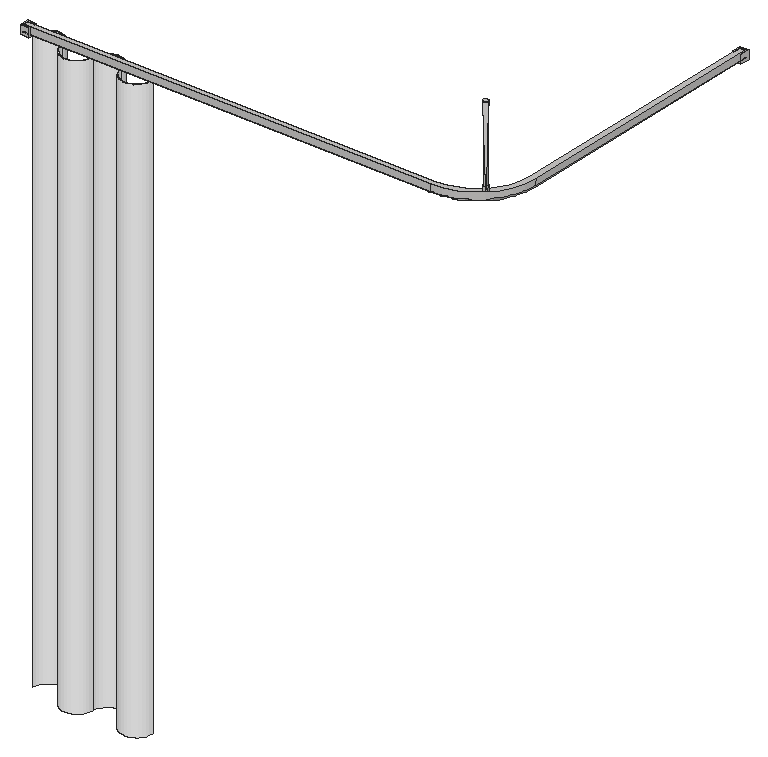
Revit family "Curtain Track_Metlam_L Bend", category Specialty Equipment, Revit 2016
Family settings
  Part Type = Normal
  Round Connector Dimension = Use Diameter
  OmniClass Number = 23.40.20.21.44
  OmniClass Title = Shower Rods, Curtains
  Work Plane-Based = No
  Always vertical = Yes
  Cut with Voids When Loaded = No
  Shared = No
  Room Calculation Point = Yes
Parameters (values of type "300h (ML-SCT-SERIES-L)")
  URL = "http://www.metlam.com.au/"
  Type Comments = "Grab Rails"  # constant formula
  Model = "ML-SCT-SERIES-L"
  Fabric_Material = z_Metlam_White
  Material_ANZRS = z_Metlam_Metal_Stainless Steel_Satin
  Manufacturer_Overall Width_Calc [instance] = if(Manufacturer_Overall Width > 1600 mm, 1600 mm, if(Manufacturer_Overall Width < 300 mm, 300 mm, Manufacturer_Overall Width))  # 1600 mm
  Manufacturer_Overall Width [instance] = 1600 mm
  Manufacturer_URL__Product Specific = "https://www.metlam.com.au/product/content/tracks-and-curtains/ML-SCT-SERIES-L"
  Manufacturer_Spec Code = Model  # "ML-SCT-SERIES-L"
  Manufacturer_Overall Height = 300 mm
  Manufacturer_Overall Depth_Calc [instance] = if(Manufacturer_Overall Depth > 1600 mm, 1600 mm, if(Manufacturer_Overall Depth < 300 mm, 300 mm, Manufacturer_Overall Depth))  # 1100 mm
  Manufacturer_Overall Depth [instance] = 1100 mm
  Manufacturer_Height From FFL [instance] = 2100 mm
  Manufacturer = "Metlam"  # constant formula
  Keynote = ""
  Description = "L Bend Shower Curtain Track System"  # constant formula
  Curtain_Option = yes
  Curtain_Offset_Height [instance] = 100 mm
  CreatedBy_ANZRS = "IGS BIM Solutions"  # constant formula
  CreatedByURL_ANZRS = "http://www.igsgroup.com.au/"
  Assembly Code = ""
Reference planes
  plane 1 "Back": y = 0
  plane 2 "Ref. Level": z = 0
  plane 3 "Bottom": z = 2100
  plane 4 "Front": y = -1100
  plane 5 "Top": z = 2400
  plane 6 "Left": x = -57.964
  plane 7 "Right": x = 1542.036
  plane 8 "Centre (Left/Right)": x = 742.036
  plane 9 "Wall Mount_Back": y = -30
  plane 10 "Wall Mount_Left": x = -27.964
  plane 11 "Ceiling Mount_Centre (Left/Right)": x = 1476.536
  plane 12 "Ceiling Mount_Centre (Front/Back)": y = -1034.5
  plane 13 "Rail_Top": z = 2125
  plane 14 "Curtain_Bottom": z = 100
Forms (mm)
  Sweep 1, solid, material "z_Metlam_Metal_Stainless Steel_Satin" <- "Material_ANZRS"
    path origin (0, 0, 2100) x (-1, 0, 0) y (0, -1, 0)
      loop
        line (-1542.036, 5) -> (-1542.036, 900)
        arc (-1542.036, 900) -> (-1483.458, 1041.421) -> (-1342.036, 1100) r 200
        line (-1342.036, 1100) -> (52.964, 1100)
    profile origin (1542.036, -452.5, 2100) x (1, 0, 0) y (0, 0, 1)
      loop
        line (0, 2.041) -> (0, 25) -> (-20, 25) -> (-20, 2.031)
        arc (-20, 2.031) -> (-19.606, 1.017) -> (-18.631, 0.536) r 1.5
        line (-18.631, 0.536) -> (-12.5, 0) -> (-7.5, 0) -> (-1.379, 0.535)
        arc (-1.379, 0.535) -> (-0.397, 1.02) -> (0, 2.041) r 1.511
  Extrusion 2, solid, material "z_Metlam_Metal_Stainless Steel_Satin" <- "Material_ANZRS"
    sketch origin (0, 0, 0) x (1, 0, 0) y (0, 0, 1)
      loop
        line (1517.036, 2125) -> (1517.036, 2095) -> (1547.036, 2095) -> (1547.036, 2125) -> (1542.036, 2125) -> (1542.036, 2102.041)
        arc (1542.036, 2102.041) -> (1541.639, 2101.02) -> (1540.657, 2100.535) r 1.511
        line (1540.657, 2100.535) -> (1534.536, 2100) -> (1529.536, 2100) -> (1523.406, 2100.536)
        arc (1523.406, 2100.536) -> (1522.43, 2101.017) -> (1522.036, 2102.031) r 1.5
        line (1522.036, 2102.031) -> (1522.036, 2125) -> (1517.036, 2125)
    from 30 to 0
  Extrusion 3, solid, material "z_Metlam_Metal_Stainless Steel_Satin" <- "Material_ANZRS"
    sketch origin (-57.964, 0, 0) x (0, 1, 0) y (0, 0, 1)
      loop
        line (-1105, 2125) -> (-1105, 2095) -> (-1075, 2095) -> (-1075, 2125) -> (-1080, 2125) -> (-1080, 2102.041)
        arc (-1080, 2102.041) -> (-1080.397, 2101.02) -> (-1081.379, 2100.535) r 1.511
        line (-1081.379, 2100.535) -> (-1087.5, 2100) -> (-1092.5, 2100) -> (-1098.631, 2100.536)
        arc (-1098.631, 2100.536) -> (-1099.606, 2101.017) -> (-1100, 2102.031) r 1.5
        line (-1100, 2102.031) -> (-1100, 2125) -> (-1105, 2125)
    from 30 to 0
  Revolve 4, solid, material "z_Metlam_Metal_Stainless Steel_Satin" <- "Material_ANZRS"
    sketch origin (0, -1034.5, 0) x (1, 0, 0) y (0, 0, 1)
      loop
        line (1476.387, 2125) -> (1476.387, 2400) -> (1468.387, 2400) -> (1468.387, 2385) -> (1471.408, 2385) -> (1471.408, 2140) -> (1468.408, 2140) -> (1468.408, 2125) -> (1476.387, 2125)
      axis (1476.536, 2400) -> (1476.536, 2125)
    angle from 0 to 360
  Extrusion 5, solid, material "z_Metlam_White" <- "Fabric_Material", visible <- "Curtain_Option"
    sketch origin (0, 0, 2100) x (-1, 0, 0) y (0, -1, 0)
      loop
        line (27.964, 1090) -> (25.964, 1090)
        arc (25.964, 1090) -> (-23.036, 1041) -> (-72.036, 1090) r 49
        arc (-72.036, 1090) -> (-125.036, 1143) -> (-178.036, 1090) r 53
        arc (-178.036, 1090) -> (-227.036, 1041) -> (-276.036, 1090) r 49
        arc (-276.036, 1090) -> (-329.036, 1143) -> (-382.036, 1090) r 53
        line (-382.036, 1090) -> (-380.036, 1090)
        arc (-380.036, 1090) -> (-329.036, 1141) -> (-278.036, 1090) r 51
        arc (-278.036, 1090) -> (-227.036, 1039) -> (-176.036, 1090) r 51
        arc (-176.036, 1090) -> (-125.036, 1141) -> (-74.036, 1090) r 51
        arc (-74.036, 1090) -> (-23.036, 1039) -> (27.964, 1090) r 51
    from -2000 to 0
  Extrusion 6, solid, material "z_Metlam_Metal_Stainless Steel_Satin" <- "Material_ANZRS"
    sketch origin (0, 0, 2100) x (-1, 0, 0) y (0, -1, 0)
      loop
        line (-1517.036, 0) -> (-1517.036, 5) -> (-1547.036, 5) -> (-1547.036, 0) -> (-1517.036, 0)
    from 0 to 25
  Extrusion 7, solid, material "z_Metlam_Metal_Stainless Steel_Satin" <- "Material_ANZRS"
    sketch origin (0, 0, 2100) x (-1, 0, 0) y (0, -1, 0)
      loop
        line (57.964, 1075) -> (57.964, 1105) -> (52.964, 1105) -> (52.964, 1075) -> (57.964, 1075)
    from 0 to 25
Cuts and joins
  joined: Extrusion 2, Extrusion 6
  joined: Extrusion 3, Extrusion 7
Lines and regions (mm)
  Masking region 1, visible <- "Curtain_Option"
    outline origin (0, 0, 2100) x (-1, 0, 0) y (0, -1, 0)
      loop
        arc (25.964, 1090) -> (-23.036, 1041) -> (-72.036, 1090) r 49
        arc (-72.036, 1090) -> (-125.036, 1143) -> (-178.036, 1090) r 53
        arc (-178.036, 1090) -> (-227.036, 1041) -> (-276.036, 1090) r 49
        arc (-276.036, 1090) -> (-329.036, 1143) -> (-382.036, 1090) r 53
        line (-382.036, 1090) -> (-380.036, 1090)
        arc (-380.036, 1090) -> (-329.036, 1141) -> (-278.036, 1090) r 51
        arc (-278.036, 1090) -> (-227.036, 1039) -> (-176.036, 1090) r 51
        arc (-176.036, 1090) -> (-125.036, 1141) -> (-74.036, 1090) r 51
        arc (-74.036, 1090) -> (-23.036, 1039) -> (27.964, 1090) r 51
        line (27.964, 1090) -> (25.964, 1090)
  Masking region 2
    outline origin (0, 0, 2400) x (-1, 0, 0) y (0, -1, 0)
      loop
        line (-1517.036, 0) -> (-1517.036, 30) -> (-1522.036, 30) -> (-1522.036, 900)
        arc (-1522.036, 900) -> (-1469.316, 1027.279) -> (-1342.036, 1080) r 180
        line (-1342.036, 1080) -> (27.964, 1080) -> (27.964, 1075) -> (57.964, 1075) -> (57.964, 1105) -> (27.964, 1105) -> (27.964, 1100) -> (-1342.036, 1100)
        arc (-1342.036, 1100) -> (-1483.458, 1041.421) -> (-1542.036, 900) r 200
        line (-1542.036, 900) -> (-1542.036, 30) -> (-1547.036, 30) -> (-1547.036, 0) -> (-1517.036, 0)
  symbolic lines, style "Bathroom Fixtures"
    curve 1: circle (1476.686, -1034.5, 2100) r 7.979 normal (0, 0, 1)
  symbolic lines, style "Bathroom Fixtures", detail levels medium+fine
    curve 2: line (1522.036, -30, 2100) -> (1522.036, -5, 2100)
    curve 3: line (1522.036, -5, 2100) -> (1542.036, -5, 2100)
    curve 4: line (1542.036, -5, 2100) -> (1542.036, -30, 2100)
    curve 5: line (-27.964, -1080, 2100) -> (-52.964, -1080, 2100)
    curve 6: line (-52.964, -1080, 2100) -> (-52.964, -1100, 2100)
    curve 7: line (-52.964, -1100, 2100) -> (-27.964, -1100, 2100)
Text (mm)
  text "> Contact Manufacturer to confirm feasibility of design variations outside the scope of this Revit Family\n\n\n\nDisclaimer:\n\nDue to ongoing product development and manufacturing evolution, product details are subject to change without notice. Please refer to product technical data sheets on the manufacturer’s website for the most current product information. Please allow a +/- 5mm manufacturing tolerance for dimensions and set-outs shown in product literature." at (2030.231, -129.305, 0), in view "Ref. Level_Instruction"
Dimensions and locks
  "Manufacturer_Overall Depth_Calc": plane 4 "Front" to plane 1 "Back"
  "Manufacturer_Overall Height": plane 5 "Top" to plane 3 "Bottom"
  "Manufacturer_Height From FFL": plane 3 "Bottom" to plane 2 "Ref. Level"
  equal spacing: plane 6 "Left", plane 8 "Centre (Left/Right)", plane 7 "Right"
  "Manufacturer_Overall Width_Calc": plane 6 "Left" to plane 7 "Right"
  locked: plane 13 "Rail_Top" to plane 3 "Bottom" at 25
  locked: plane 4 "Front" to plane 12 "Ceiling Mount_Centre (Front/Back)" at 65.5
  locked: plane 11 "Ceiling Mount_Centre (Left/Right)" to plane 7 "Right" at 65.5
  locked: Revolve 4 sketch curve to plane 13 "Rail_Top" at 15
  locked: plane 5 "Top" to Revolve 4 sketch curve at 15
  "Curtain_Offset_Height": plane 14 "Curtain_Bottom" to plane 2 "Ref. Level"
  locked: plane 6 "Left" to Sweep 1 sketch curve at 5
  locked: Sweep 1 sketch curve to plane 1 "Back" at 5
  radius of Sweep 1 sketch curve = 200 mm
  aligned and locked: level to plane 2 "Ref. Level"
  aligned and locked: plane 9 "Wall Mount_Back" to Extrusion 2
  aligned and locked: Extrusion 2 to plane 1 "Back"
  aligned and locked: Extrusion 3 to plane 6 "Left"
  aligned and locked: plane 10 "Wall Mount_Left" to Extrusion 3
  aligned and locked: plane 3 "Bottom" to Extrusion 5
  aligned and locked: Extrusion 5 to plane 14 "Curtain_Bottom"
Automatic sketch dimensions
  Sweep 1 sketch curve to plane 3 "Bottom" = 0 mm
  profile plane to Sweep 1 sketch curve = 0 mm
  plane 3 "Bottom" to Sweep 1 sketch curve = 0.535 mm
  profile plane to Sweep 1 sketch curve = 1.379 mm
  profile plane to Sweep 1 sketch curve = 1.511 mm
  Sweep 1 sketch curve to Sweep 1 sketch curve = 6.121 mm
  Sweep 1 sketch curve to Sweep 1 sketch curve = 5 mm
  plane 3 "Bottom" to Sweep 1 sketch curve = 2.031 mm
  Sweep 1 sketch curve to Sweep 1 sketch curve = 6 mm
  plane 3 "Bottom" to Sweep 1 sketch curve = 0.536 mm
  Sweep 1 sketch curve to Sweep 1 sketch curve = 0.131 mm
  Sweep 1 sketch curve to Sweep 1 sketch curve = 22.959 mm
  Extrusion 2 sketch curve to plane 3 "Bottom" = 0 mm  (x2)
  Extrusion 2 sketch curve to plane 7 "Right" = 0 mm
  plane 3 "Bottom" to Extrusion 2 sketch curve = 0.535 mm
  Extrusion 2 sketch curve to plane 7 "Right" = 1.379 mm
  Extrusion 2 sketch curve to Extrusion 2 sketch curve = 0.132 mm
  Extrusion 2 sketch curve to Extrusion 2 sketch curve = 11.121 mm
  plane 3 "Bottom" to Extrusion 2 sketch curve = 2.031 mm
  Extrusion 2 sketch curve to Extrusion 2 sketch curve = 6 mm
  plane 3 "Bottom" to Extrusion 2 sketch curve = 0.536 mm
  Extrusion 2 sketch curve to Extrusion 2 sketch curve = 0.131 mm
  Extrusion 2 sketch curve to Extrusion 2 sketch curve = 5 mm  (x2)
  plane 7 "Right" to Extrusion 2 sketch curve = 5 mm
  Extrusion 2 sketch curve to plane 3 "Bottom" = 5 mm
  Extrusion 2 sketch curve to Extrusion 2 sketch curve = 22.959 mm
  Extrusion 2 sketch curve to Extrusion 2 sketch curve = 0 mm
  Extrusion 3 sketch curve to plane 4 "Front" = 0 mm
  Extrusion 3 sketch curve to plane 3 "Bottom" = 0 mm  (x2)
  Extrusion 3 sketch curve to Extrusion 3 sketch curve = 5 mm  (x2)
  plane 3 "Bottom" to Extrusion 3 sketch curve = 0.536 mm
  Extrusion 3 sketch curve to plane 4 "Front" = 1.369 mm
  Extrusion 3 sketch curve to plane 4 "Front" = 1.5 mm
  Extrusion 3 sketch curve to Extrusion 3 sketch curve = 6.131 mm
  plane 3 "Bottom" to Extrusion 3 sketch curve = 2.041 mm
  Extrusion 3 sketch curve to Extrusion 3 sketch curve = 10.989 mm
  plane 3 "Bottom" to Extrusion 3 sketch curve = 0.535 mm
  Extrusion 3 sketch curve to Extrusion 3 sketch curve = 0.132 mm
  Extrusion 3 sketch curve to Extrusion 3 sketch curve = 6.379 mm
  Extrusion 3 sketch curve to plane 3 "Bottom" = 5 mm
  Extrusion 3 sketch curve to Extrusion 3 sketch curve = 22.959 mm
  Extrusion 3 sketch curve to Extrusion 3 sketch curve = 0 mm
  Revolve 4 sketch curve to plane 5 "Top" = 0 mm
  Revolve 4 sketch curve to plane 13 "Rail_Top" = 0 mm
  Revolve 4 sketch curve to plane 11 "Ceiling Mount_Centre (Left/Right)" = 0 mm
  Revolve 4 sketch curve to plane 11 "Ceiling Mount_Centre (Left/Right)" = 0.15 mm
  Revolve 4 sketch curve to plane 11 "Ceiling Mount_Centre (Left/Right)" = 5.129 mm
  Revolve 4 sketch curve to Revolve 4 sketch curve = 7.979 mm
  Revolve 4 sketch curve to Revolve 4 sketch curve = 8 mm
  Revolve 4 sketch curve to plane 3 "Bottom" = 59.041 mm
  plane 5 "Top" to Revolve 4 sketch curve = 35.959 mm
  Extrusion 5 sketch curve to Extrusion 5 sketch curve = 0 mm  (x10)
  Extrusion 5 sketch curve to plane 10 "Wall Mount_Left" = 0 mm
  plane 10 "Wall Mount_Left" to Extrusion 5 sketch curve = 2 mm
  Extrusion 5 sketch curve to plane 4 "Front" = 10 mm
  Extrusion 5 sketch curve to Extrusion 5 sketch curve = 49 mm
  Extrusion 5 sketch curve to Extrusion 5 sketch curve = 51 mm
  Extrusion 5 sketch curve to Extrusion 5 sketch curve = 102 mm  (x2)
  Masking region 1 sketch curve to Masking region 1 sketch curve = 0 mm  (x12)
  Masking region 1 sketch curve to plane 10 "Wall Mount_Left" = 0 mm
  Masking region 1 sketch curve to Masking region 1 sketch curve = 2 mm  (x2)
  Masking region 1 sketch curve to plane 4 "Front" = 10 mm
  Masking region 1 sketch curve to Masking region 1 sketch curve = 49 mm
  Masking region 1 sketch curve to Masking region 1 sketch curve = 51 mm  (x2)
  Masking region 1 sketch curve to Masking region 1 sketch curve = 102 mm  (x2)
  curve 4 to plane 7 "Right" = 0 mm
  plane 9 "Wall Mount_Back" to curve 2 = 0 mm
  plane 12 "Ceiling Mount_Centre (Front/Back)" to curve 1 = 0 mm
  curve 7 to plane 10 "Wall Mount_Left" = 0 mm
  plane 4 "Front" to curve 6 = 0 mm
  plane 9 "Wall Mount_Back" to curve 4 = 0 mm
  plane 1 "Back" to curve 2 = 5 mm
  curve 3 to curve 2 = 20 mm
  plane 11 "Ceiling Mount_Centre (Left/Right)" to curve 1 = 0.15 mm
  plane 6 "Left" to curve 6 = 5 mm
  plane 1 "Back" to Extrusion 6 sketch curve = 0 mm
  plane 7 "Right" to Extrusion 6 sketch curve = 5 mm
  plane 1 "Back" to Extrusion 6 sketch curve = 5 mm
  Extrusion 6 sketch curve to plane 7 "Right" = 25 mm
  Extrusion 7 sketch curve to plane 6 "Left" = 0 mm
  Extrusion 7 sketch curve to Extrusion 7 sketch curve = 5 mm
  Extrusion 7 sketch curve to plane 4 "Front" = 25 mm
  plane 4 "Front" to Extrusion 7 sketch curve = 5 mm
  Sweep 1 sketch curve to plane 7 "Right" = 0 mm
  plane 4 "Front" to Sweep 1 sketch curve = 0 mm
  Masking region 2 sketch curve to Masking region 2 sketch curve = 0 mm  (x2)
  plane 1 "Back" to Masking region 2 sketch curve = 0 mm
  plane 9 "Wall Mount_Back" to Masking region 2 sketch curve = 0 mm  (x2)
  Masking region 2 sketch curve to plane 7 "Right" = 0 mm
  plane 4 "Front" to Masking region 2 sketch curve = 0 mm
  Masking region 2 sketch curve to plane 10 "Wall Mount_Left" = 0 mm  (x2)
  Masking region 2 sketch curve to plane 6 "Left" = 0 mm
  Masking region 2 sketch curve to Masking region 2 sketch curve = 5 mm  (x3)
  Masking region 2 sketch curve to plane 7 "Right" = 20 mm
  Masking region 2 sketch curve to plane 11 "Ceiling Mount_Centre (Left/Right)" = 134.5 mm
  plane 4 "Front" to Masking region 2 sketch curve = 5 mm
  curve 5 to plane 10 "Wall Mount_Left" = 0 mm
  curve 5 to curve 6 = 20 mm
  radius of curve 1 = 7.979 mm
